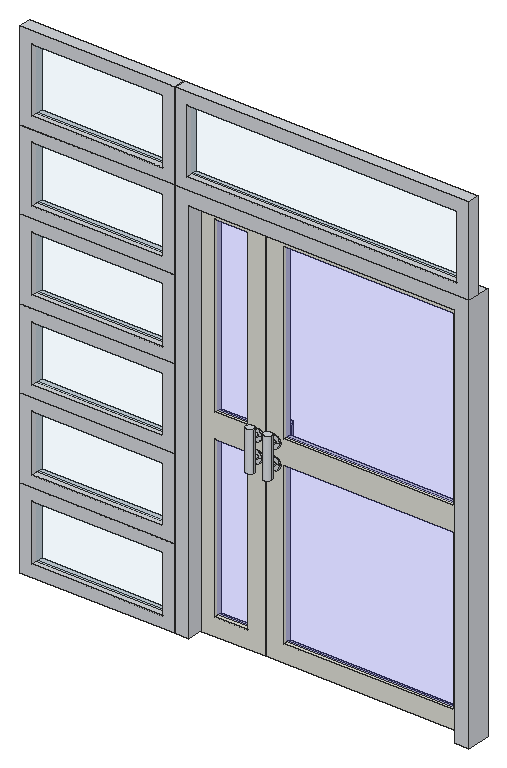
Revit family "D4_不鏽鋼門(甲種防火門)", category 門, Revit 2014
Parameters (values of type "(150+79) x 250 cm")
  熱阻 (R) = 0.270117 (m²·K)/W
  Visual Light Transmittance = 0
  Solar Heat Gain Coefficient = 0
  營造類型 Id = "MDOOR"
  關鍵註記 = "雙開子母門-矩形"
  傳熱係數 (U) = 3.7021 W/(m²·K)
  功能 = 室內
  門扇_材料 = none
  門扇_寬度(小) = (Width - 2 * 開門側框_寬度) / 4  # 350 mm
  門扇_寬度(大) = 3 * (Width - 2 * 開門側框_寬度) / 4  # 1050 mm
  門扇_厚度 = 40 mm
  Rough Height = Height  # 2050 mm
  Rough Width = Width  # 1500 mm
  框_深度 = 120 mm
  框_檔版_寬度 [instance] = 門扇_厚度 / 2  # 20 mm
  框_總寬度 [instance] = 開門側框_寬度 + 框_檔版_寬度  # 70 mm
  Height = 2050 mm
  牆封閉 = 依主體
  框_材料 = none
  開門側框_寬度 = 50 mm
  握把五金 = none
  Width = 1500 mm
  操作 = "DoubleDoorSingleSwing"
  解析營造 = "金屬"
Reference planes
  plane 1: y = 0
  plane 2 "中心 (左/右)": x = 0
  plane 3 "左": x = -750
  plane 4 "右": x = 750
  plane 5: z = 2050
  plane 6 "外部": y = 75
  plane 7 "內部": y = -75
  plane 8: z = 1025
  plane 9: x = -350
  plane 10: x = 700
  plane 11: x = -395
  plane 12: x = -305
  plane 13: z = 0
Forms (mm)
  Sweep 1, solid, material <- "框_材料"
    path origin (-5000, 0, 0) x (-1, 0, 0) y (0, 0, 1)
      loop
        line (-5750, 0) -> (-5750, 2050) -> (-4250, 2050) -> (-4250, 0)
    profile origin (750, 0, 1025) x (1, 0, 0) y (0, 1, 0)
      loop
        line (0, 60) -> (-50, 60) -> (-50, 20) -> (-70, 20) -> (-70, -60) -> (0, -60) -> (0, 60)
  Extrusion 2, solid, material "鋼、油漆塗層、象牙白色、霧面"
    sketch origin (-5000, 0, 0) x (1, 0, 0) y (0, 0, 1)
      loop
        line (4650, 2000) -> (4650, 0) -> (5700, 0) -> (5700, 2000) -> (4650, 2000)
      loop
        line (5610, 1025) -> (5610, 1910) -> (4740, 1910) -> (4740, 1025) -> (5610, 1025)
      loop
        line (5610, 905) -> (4740, 905) -> (4740, 90) -> (5610, 90) -> (5610, 905)
    from -60 to -20
  Extrusion 3, solid, material "鋼、油漆塗層、象牙白色、霧面"
    sketch origin (-5000, 0, 0) x (1, 0, 0) y (0, 0, 1)
      loop
        line (4650, 2000) -> (4300, 2000) -> (4300, 0) -> (4650, 0) -> (4650, 2000)
      loop
        line (4560, 1910) -> (4390, 1910) -> (4390, 1025) -> (4560, 1025) -> (4560, 1910)
      loop
        line (4560, 905) -> (4390, 905) -> (4390, 90) -> (4560, 90) -> (4560, 905)
    from -60 to -20
  Extrusion 4, solid, material "玻璃網格"
    sketch origin (-5000, 0, 0) x (1, 0, 0) y (0, 0, 1)
      loop
        line (5610, 1910) -> (4740, 1910) -> (4740, 1025) -> (5610, 1025) -> (5610, 1910)
      loop
        line (4740, 905) -> (4740, 90) -> (5610, 90) -> (5610, 905) -> (4740, 905)
      loop
        line (4560, 90) -> (4560, 905) -> (4390, 905) -> (4390, 90) -> (4560, 90)
      loop
        line (4390, 1025) -> (4560, 1025) -> (4560, 1910) -> (4390, 1910) -> (4390, 1025)
    from -45 to -35
Lines and regions (mm)
  Opening 1
    outline origin (-3050, -75, 0) x (1, 0, 0) y (0, 0, 1)
      loop
        line (2300, 0) -> (3800, 0) -> (3800, 2050) -> (2300, 2050) -> (2300, 0)
  symbolic lines, style "Doors"
    curve 1: line (-700, 60, 0) -> (-660, 60, 0)
    curve 2: line (-700, 410, 0) -> (-700, 60, 0)
    curve 3: line (-660, 410, 0) -> (-700, 410, 0)
    curve 4: line (-660, 60, 0) -> (-660, 410, 0)
    curve 13: line (700, 60, 0) -> (660, 60, 0)
    curve 14: line (700, 1110, 0) -> (700, 60, 0)
    curve 15: line (660, 1110, 0) -> (700, 1110, 0)
    curve 16: line (660, 60, 0) -> (660, 1110, 0)
    curve 23: line (-700, -60, 0) -> (-660, -60, 0)
    curve 24: line (-700, -410, 0) -> (-700, -60, 0)
    curve 25: line (-660, -410, 0) -> (-700, -410, 0)
    curve 26: line (-660, -60, 0) -> (-660, -410, 0)
    curve 27: line (700, -60, 0) -> (660, -60, 0)
    curve 28: line (700, -1110, 0) -> (700, -60, 0)
    curve 29: line (660, -1110, 0) -> (700, -1110, 0)
    curve 30: line (660, -60, 0) -> (660, -1110, 0)
  symbolic lines, style "DoorsFrameMullionProjection"
    curve 5: line (-700, 60, 0) -> (-750, 60, 0)
    curve 6: line (-700, -60, 0) -> (-700, 60, 0)
    curve 7: line (-750, -60, 0) -> (-700, -60, 0)
    curve 8: line (-750, 60, 0) -> (-750, -60, 0)
    curve 9: line (700, 60, 0) -> (750, 60, 0)
    curve 10: line (700, -60, 0) -> (700, 60, 0)
    curve 11: line (750, -60, 0) -> (700, -60, 0)
    curve 12: line (750, 60, 0) -> (750, -60, 0)
  symbolic lines, style "平面圖打開方向"
    curve 17: arc (-700, 410, 1000) -> (-452.513, 307.487, 1000) -> (-350, 60, 1000) r 350
    curve 18: arc (-350, 60, 1000) -> (-42.462, 802.462, 1000) -> (700, 1110, 1000) r 1050
    curve 31: arc (-700, -410, 1000) -> (-452.513, -307.487, 1000) -> (-350, -60, 1000) r 350
    curve 32: arc (-350, -60, 1000) -> (-42.462, -802.462, 1000) -> (700, -1110, 1000) r 1050
  symbolic lines, style "立面圖打開方向"
    curve 19: line (-350, -75, 2000) -> (700, -75, 1020)
    curve 20: line (700, -75, 1020) -> (-350, -75, 0)
    curve 21: line (-350, -75, 0) -> (-700, -75, 1020)
    curve 22: line (-700, -75, 1020) -> (-350, -75, 2000)
Text (mm)
  text "外部" at (-2295.016, 1099.543, 0), in view "參考樓層"
  text "外部" at (0, 1615.38, 3698.081), in view "左"
  text "外部" at (0, 1036.032, 3874.932), in view "右"
Dimensions and locks
  equal spacing: plane 3 "左", plane 2 "中心 (左/右)", plane 4 "右"
  "Width": plane 3 "左" to plane 4 "右"
  "Height": plane 5 to host wall
  host wall to plane 5 = 2050 mm  (x2)
  locked: plane 6 "外部" to host wall at 0
  locked: plane 7 "內部" to host wall
  equal spacing: Sweep 1 sketch curve, host wall, Sweep 1 sketch curve
  "框_深度": Sweep 1 sketch curve to Sweep 1 sketch curve
  "門扇_厚度": Sweep 1 sketch curve to Sweep 1 sketch curve
  "框_檔版_寬度": Sweep 1 sketch curve to Sweep 1 sketch curve
  "Width": Sweep 1 sketch curve to Sweep 1 sketch curve
  "門扇_厚度": curve 2 to curve 4
  "門扇_寬度(小)": curve 3 to curve 1
  "開門側框_寬度": curve 10 to Sweep 1
  "開門側框_寬度": curve 8 to curve 6
  equal spacing: Sweep 1, host wall, Sweep 1  (x2)
  "框_深度": Sweep 1 to Sweep 1  (x2)
  equal spacing: curve 5, plane 1, curve 7
  "框_深度": curve 5 to curve 7
  equal spacing: curve 11, plane 1, curve 9
  "框_深度": curve 11 to curve 9
  "門扇_厚度": curve 14 to curve 16
  "門扇_寬度(大)": curve 15 to curve 13
  equal spacing: plane 5, plane 8, level
  "開門側框_寬度": plane 10 to plane 4 "右"
  "門扇_寬度(大)": plane 9 to plane 10
  plane 11 to plane 9 = 45 mm
  plane 9 to plane 12 = 45 mm
  "Height": plane 13 to plane 5
  "門扇_厚度": curve 24 to curve 26
  "門扇_寬度(小)": curve 25 to curve 23
  "門扇_厚度": curve 28 to curve 30
  "門扇_寬度(大)": curve 29 to curve 27
  aligned and locked: plane 3 "左" to Opening 1 sketch curve
  aligned and locked: plane 5 to Opening 1 sketch curve  (x2)
  aligned and locked: Opening 1 sketch curve to plane 4 "右"
  aligned and locked: Opening 1 sketch curve to level
  aligned and locked: plane 1 to host wall
  aligned and locked: curve 17 to curve 2
  aligned and locked: curve 14 to curve 18
  aligned and locked: Sweep 1 sketch curve to plane 10
  aligned and locked: Sweep 1 sketch curve to profile plane
  aligned and locked: plane 5 to Sweep 1 sketch curve
  aligned and locked: plane 4 "右" to Sweep 1 sketch curve
  aligned and locked: Extrusion 2 sketch curve to Extrusion 2 sketch curve  (x2)
  aligned and locked: nested 3 to plane 12
  aligned and locked: nested 4 to plane 11
  aligned and locked: plane 11 to nested 5
  aligned and locked: plane 12 to nested 6
  aligned and locked: nested 7 to Sweep 1
  aligned and locked: plane 3 "左" to nested 7
  aligned and locked: plane 3 "左" to nested 8
  aligned and locked: plane 3 "左" to nested 9
  aligned and locked: plane 3 "左" to nested 10
  aligned and locked: plane 3 "左" to nested 11
  aligned and locked: plane 3 "左" to nested 12
  aligned and locked: plane 3 "左" to nested 13
  aligned and locked: plane 4 "右" to nested 13
  aligned and locked: curve 31 to curve 24
  aligned and locked: curve 28 to curve 32
Automatic sketch dimensions
  Sweep 1 sketch curve to level = 0 mm  (x2)
  curve 8 to plane 3 "左" = 0 mm
  curve 12 to plane 4 "右" = 0 mm
  curve 32 to plane 9 = 0 mm
  curve 31 to plane 9 = 0 mm
  curve 17 to plane 9 = 0 mm
  curve 18 to plane 9 = 0 mm
  host wall to curve 32 = 1035 mm
  host wall to curve 31 = 335 mm
  curve 18 to host wall = 15 mm
  curve 20 to level = 0 mm
  curve 20 to plane 9 = 0 mm
  curve 22 to plane 9 = 0 mm
  curve 20 to plane 10 = 0 mm
  curve 20 to plane 8 = 5 mm
  curve 21 to plane 8 = 5 mm
  curve 21 to plane 3 "左" = 50 mm
  plane 5 to curve 22 = 50 mm
  Extrusion 2 sketch curve to level = 0 mm
  Extrusion 2 sketch curve to plane 9 = 0 mm
  Extrusion 2 sketch curve to plane 8 = 0 mm
  Extrusion 2 sketch curve to plane 10 = 0 mm
  level to Extrusion 2 sketch curve = 90 mm
  plane 12 to Extrusion 2 sketch curve = 45 mm
  Extrusion 2 sketch curve to plane 10 = 90 mm
  Extrusion 2 sketch curve to plane 8 = 120 mm
  plane 5 to Extrusion 2 sketch curve = 140 mm
  plane 5 to Extrusion 2 sketch curve = 50 mm
  Extrusion 3 sketch curve to level = 0 mm
  Extrusion 3 sketch curve to plane 8 = 0 mm
  Extrusion 3 sketch curve to plane 9 = 0 mm
  level to Extrusion 3 sketch curve = 90 mm
  Extrusion 3 sketch curve to plane 11 = 45 mm  (x2)
  Extrusion 3 sketch curve to plane 3 "左" = 140 mm  (x2)
  Extrusion 3 sketch curve to plane 3 "左" = 50 mm
  Extrusion 3 sketch curve to plane 8 = 120 mm
  plane 5 to Extrusion 3 sketch curve = 140 mm
  plane 5 to Extrusion 3 sketch curve = 50 mm
  Extrusion 4 sketch curve to plane 8 = 0 mm  (x2)
  Extrusion 4 sketch curve to plane 3 "左" = 140 mm
  level to Extrusion 4 sketch curve = 90 mm  (x2)
  Extrusion 4 sketch curve to Extrusion 4 sketch curve = 0 mm
  Extrusion 4 sketch curve to plane 11 = 45 mm  (x2)
  plane 12 to Extrusion 4 sketch curve = 45 mm  (x2)
  Extrusion 4 sketch curve to plane 10 = 90 mm  (x2)
  Extrusion 4 sketch curve to plane 8 = 120 mm  (x2)
  plane 5 to Extrusion 4 sketch curve = 140 mm  (x2)
Nested families
  nested 1: "喇叭鎖" at (-225, 60, 1000), type "喇叭鎖", not visible
  nested 2: "喇叭鎖" at (-225, 20, 1000), type "喇叭鎖", not visible
  nested 3: "垂直門把" at (-380, 60, 0), type "垂直門把"
  nested 4: "垂直門把" at (-470, 60, 0), type "垂直門把"
  nested 5: "垂直門把" at (-470, 20, 0), type "垂直門把"
  nested 6: "垂直門把" at (-380, 20, 0), type "垂直門把"
  nested 7: "固定窗-矩形- (1)" at (-1145, 0, -900), type "79 x 41 cm"
    with Height 410 mm, Rough Height 410 mm, Rough Width 790 mm, Width 790 mm
  nested 8: "固定窗-矩形- (1)" at (-1145, 0, -490), type "79 x 41 cm"
    with Height 410 mm, Rough Height 410 mm, Rough Width 790 mm, Width 790 mm
  nested 9: "固定窗-矩形- (1)" at (-1145, 0, -80), type "79 x 41 cm"
    with Height 410 mm, Rough Height 410 mm, Rough Width 790 mm, Width 790 mm
  nested 10: "固定窗-矩形- (1)" at (-1145, 0, 330), type "79 x 41 cm"
    with Height 410 mm, Rough Height 410 mm, Rough Width 790 mm, Width 790 mm
  nested 11: "固定窗-矩形- (1)" at (-1145, 0, 740), type "79 x 41 cm"
    with Height 410 mm, Rough Height 410 mm, Rough Width 790 mm, Width 790 mm
  nested 12: "固定窗-矩形- (1)" at (-1145, 0, 1150), type "79 x 45 cm"
    with Height 450 mm, Rough Height 450 mm, Rough Width 790 mm, Width 790 mm
  nested 13: "固定窗-矩形- (1)" at (0, 0, 1150), type "150 x 45 cm"
    with Height 450 mm, Rough Height 450 mm, Rough Width 1500 mm, Width 1500 mm
Definition of nested family "喇叭鎖"
  Parameters (values of type "喇叭鎖")
    Assembly Code = ""
    握把高度 = 1000 mm
    握把與版面側邊距離 = 75 mm
    握把五金 = none
  Reference planes
    plane 1 "中心 (前/後)": y = 0
    plane 2: z = 0
    plane 3 "中心 (左/右)": x = 0
    plane 4: x = 75
  Forms (mm)
    Revolve 1, solid, material <- "握把五金"
      sketch origin (511.236, -60, 1000) x (1, 0, 0) y (0, 1, 0)
        loop
          line (-436.236, 60) -> (-406.236, 60) -> (-406.236, 66) -> (-426.236, 66) -> (-426.236, 85) -> (-417.636, 85) -> (-411.236, 109.7) -> (-411.236, 113.2) -> (-415.736, 115) -> (-436.236, 115) -> (-436.236, 60)
        axis (-436.236, 60) -> (-436.236, 115)
      angle from 0 to 360
  Dimensions and locks
    "握把與版面側邊距離": plane 3 "中心 (左/右)" to plane 4
    "握把高度": Revolve 1 to level
  Automatic sketch dimensions
    plane 3 "中心 (左/右)" to Revolve 1 sketch curve = 75 mm  (x2)
    Revolve 1 sketch curve to plane 1 "中心 (前/後)" = 0 mm
    plane 3 "中心 (左/右)" to Revolve 1 sketch curve = 85 mm
    Revolve 1 sketch curve to Revolve 1 sketch curve = 8.6 mm
    plane 3 "中心 (左/右)" to Revolve 1 sketch curve = 95.5 mm
    Revolve 1 sketch curve to Revolve 1 sketch curve = 4.5 mm
    Revolve 1 sketch curve to Revolve 1 sketch curve = 20 mm
    plane 1 "中心 (前/後)" to Revolve 1 sketch curve = 60 mm
    Revolve 1 sketch curve to Revolve 1 sketch curve = 6 mm
    Revolve 1 sketch curve to Revolve 1 sketch curve = 19 mm
    Revolve 1 sketch curve to Revolve 1 sketch curve = 24.7 mm
    Revolve 1 sketch curve to Revolve 1 sketch curve = 3.5 mm
    Revolve 1 sketch curve to Revolve 1 sketch curve = 1.8 mm
    Revolve 1 sketch curve to Revolve 1 sketch curve = 200 mm
Definition of nested family "垂直門把"
  Parameters (values of type "垂直門把")
    Analytic Construction = "<無>"
    Assembly Code = ""
    握把高度 = 1000 mm
    握把與版面側邊距離 = 75 mm
    握把五金 = none
  Reference planes
    plane 1 "中心 (前/後)": y = 0
    plane 2: z = 0
    plane 3 "中心 (左/右)": x = 0
    plane 4: x = 75
  Forms (mm)
    Revolve 1, solid, material <- "握把五金"
      sketch origin (511.236, -60, 1000) x (1, 0, 0) y (0, 1, 0)
        loop
          line (-436.236, 60) -> (-406.236, 60) -> (-406.236, 66) -> (-426.236, 66) -> (-426.236, 87.765) -> (-436.236, 87.765) -> (-436.236, 60)
        axis (-436.236, 60) -> (-436.236, 87.765)
      angle from 0 to 360
    Revolve 2, solid, material <- "握把五金"
      sketch origin (511.236, -60, 900) x (1, 0, 0) y (0, 1, 0)
        loop
          line (-436.236, 60) -> (-406.236, 60) -> (-406.236, 66) -> (-426.236, 66) -> (-426.236, 87.765) -> (-436.236, 87.765) -> (-436.236, 60)
        axis (-436.236, 60) -> (-436.236, 87.765)
      angle from 0 to 360
    Extrusion 3, solid, material <- "握把五金"
      sketch origin (0, 0, 0) x (1, 0, 0) y (0, 1, 0)
        loop
          circle (75, 45) r 20
      from 850 to 1050
  Dimensions and locks
    "握把與版面側邊距離": plane 3 "中心 (左/右)" to plane 4
    "握把高度": Revolve 1 to level
    aligned and locked: Revolve 2 to Revolve 1
  Automatic sketch dimensions
    Revolve 1 sketch curve to plane 4 = 0 mm  (x2)
    plane 1 "中心 (前/後)" to Revolve 1 sketch curve = 0 mm
    Revolve 1 sketch curve to plane 1 "中心 (前/後)" = 6 mm
    Revolve 1 sketch curve to Revolve 1 sketch curve = 10 mm
    Revolve 1 sketch curve to Revolve 1 sketch curve = 20 mm
    Revolve 1 sketch curve to Revolve 1 sketch curve = 21.765 mm
    Revolve 1 sketch curve to Revolve 1 sketch curve = 60 mm
    Revolve 1 sketch curve to Revolve 1 sketch curve = 227.235 mm
    Revolve 2 sketch curve to plane 4 = 0 mm  (x2)
    plane 1 "中心 (前/後)" to Revolve 2 sketch curve = 0 mm
    Revolve 2 sketch curve to plane 1 "中心 (前/後)" = 6 mm
    Revolve 2 sketch curve to Revolve 2 sketch curve = 10 mm
    Revolve 2 sketch curve to Revolve 2 sketch curve = 20 mm
    Revolve 2 sketch curve to Revolve 2 sketch curve = 21.765 mm
    Revolve 2 sketch curve to Revolve 2 sketch curve = 60 mm
    Revolve 2 sketch curve to Revolve 2 sketch curve = 227.43 mm
    plane 4 to Extrusion 3 sketch curve = 0 mm
    Extrusion 3 sketch curve to plane 1 "中心 (前/後)" = 45 mm
    radius of Extrusion 3 sketch curve = 20 mm
Definition of nested family "固定窗-矩形- (1)"
  Parameters (values of type "100 x 150 cm")
    Visual Light Transmittance = 0.9
    Solar Heat Gain Coefficient = 0.78
    Construction Type Id = ""
    Height = 1500 mm
    Heat Transfer Coefficient (U) = 3.6886 W/(m²·K)
    預設窗台高度 = 900 mm
    Keynote = "固定窗-矩形"
    Rough Height = Height  # 1500 mm
    Rough Width = Width  # 1000 mm
    玻璃材質 = none
    Wall Closure = (empty or 0)
    Width = 1000 mm
    裝飾外框材料 = none
    裝飾外框寬度 = 60 mm
    裝飾外框厚度 = 60 mm
    Analytic Construction = (empty or 0)
  Reference planes
    plane 1: y = 0
    plane 2 "中心 (左/右)": x = 0
    plane 3 "左": x = -500
    plane 4 "右": x = 500
    plane 5 "窗台": z = 900
    plane 6 "標頭": z = 2400
    plane 7 "外部": y = 75
    plane 8 "內部": y = -75
  Lines and regions (mm)
    Opening 1
      outline origin (3500, -75, 0) x (1, 0, 0) y (0, 0, 1)
        loop
          line (-3000, 900) -> (-3000, 2400) -> (-4000, 2400) -> (-4000, 900) -> (-3000, 900)
  Text (mm)
    text "外部" at (-1963.203, 1332.353, 0), in view "參考樓層"
    text "內部" at (-1981.466, -818.386, 0), in view "參考樓層"
    text "外部" at (0, 923.751, 2943.296), in view "右"
    text "外部" at (0, 1040.484, 2685.409), in view "左"
  Dimensions and locks
    equal spacing: plane 3 "左", plane 2 "中心 (左/右)", plane 4 "右"
    "Width": plane 3 "左" to plane 4 "右"
    "Height": plane 5 "窗台" to plane 6 "標頭"
    "預設窗台高度": plane 5 "窗台" to level
    locked: plane 7 "外部" to host wall at 0
    locked: plane 8 "內部" to host wall
    aligned and locked: plane 1 to nested 1
    aligned and locked: nested 1 to plane 3 "左"
    aligned and locked: nested 1 to plane 4 "右"
    aligned and locked: nested 1 to plane 6 "標頭"
    aligned and locked: nested 1 to plane 5 "窗台"
  Automatic sketch dimensions
    Opening 1 sketch curve to plane 3 "左" = 0 mm
    Opening 1 sketch curve to plane 4 "右" = 0 mm
    Opening 1 sketch curve to plane 5 "窗台" = 0 mm
    Opening 1 sketch curve to plane 6 "標頭" = 0 mm
  Nested families
    nested 1: "窗框" at (-267.428, 919.367, -100), type "窗框"
      with Height 1500 mm, Width 1000 mm
  Definition of nested family "窗框"
    Parameters (values of type "窗框")
      Height [instance] = 500 mm
      護桿寬度 = 20 mm
      護桿厚度 = 10 mm
      Rough Height = 500 mm
      Rough Width = 600 mm
      Width [instance] = 600 mm
      裝飾外框材料 = none
      玻璃材質 = none
      玻璃厚度 = 10 mm
      裝飾外框寬度 = 60 mm
      裝飾外框厚度 = 60 mm
      Assembly Code = ""
    Reference planes
      plane 1 "中心 (前/後)": y = -919.367
      plane 2: z = 0
      plane 3 "中心 (左/右)": x = 267.428
      plane 4 "玻璃-上": y = -944.367
      plane 5 "玻璃-下": y = -954.367
      plane 6: y = -979.367
      plane 7: x = -32.572
      plane 8: x = 567.428
      plane 9: x = 27.428
      plane 10: x = 507.428
      plane 11: z = 1440
      plane 12: z = 1500
      plane 13: z = 1060
      plane 14: z = 1000
      plane 15: y = -949.367
    Forms (mm)
      Extrusion 1, solid, material <- "玻璃材質"
        sketch origin (-1499.274, -949.367, 1200) x (-1, 0, 0) y (0, 0, 1)
          loop
            line (-1526.702, 240) -> (-2006.702, 240) -> (-2006.702, -140) -> (-1526.702, -140) -> (-1526.702, 240)
        from -5 to 5
      Extrusion 2, solid, material <- "裝飾外框材料"
        sketch origin (-1499.274, -949.367, 1200) x (-1, 0, 0) y (0, 0, 1)
          loop
            line (-1466.702, 300) -> (-2066.702, 300) -> (-2066.702, -200) -> (-1466.702, -200) -> (-1466.702, 300)
          loop
            line (-1526.702, 240) -> (-2006.702, 240) -> (-2006.702, -140) -> (-1526.702, -140) -> (-1526.702, 240)
        from -30 to 30
    Dimensions and locks
      equal spacing: plane 10, plane 3 "中心 (左/右)", plane 9
      "裝飾外框寬度": plane 8 to plane 10
      "裝飾外框寬度": plane 9 to plane 7
      "裝飾外框寬度": plane 12 to plane 11
      "Width": plane 8 to plane 7
      "裝飾外框寬度": plane 13 to plane 14
      "Height": plane 12 to plane 14
      plane 14 to level = 1000 mm
      equal spacing: plane 4 "玻璃-上", plane 15, plane 5 "玻璃-下"
      "玻璃厚度": plane 4 "玻璃-上" to plane 5 "玻璃-下"
      equal spacing: plane 6, plane 15, plane 1 "中心 (前/後)"
      "裝飾外框厚度": plane 6 to plane 1 "中心 (前/後)"
      aligned and locked: Extrusion 1 sketch curve to plane 11
      aligned and locked: plane 9 to Extrusion 1 sketch curve
      aligned and locked: Extrusion 1 sketch curve to plane 10
      aligned and locked: plane 13 to Extrusion 1 sketch curve
      aligned and locked: plane 7 to Extrusion 2 sketch curve
      aligned and locked: Extrusion 2 sketch curve to plane 12
      aligned and locked: Extrusion 2 sketch curve to plane 8
      aligned and locked: plane 9 to Extrusion 2 sketch curve
      aligned and locked: plane 13 to Extrusion 2 sketch curve
      aligned and locked: Extrusion 2 sketch curve to plane 10
      aligned and locked: Extrusion 2 sketch curve to plane 11
      aligned and locked: Extrusion 2 sketch curve to plane 14
      aligned and locked: plane 2 to level
      aligned and locked: plane 6 to Extrusion 2
      aligned and locked: plane 1 "中心 (前/後)" to Extrusion 2
      aligned and locked: plane 5 "玻璃-下" to Extrusion 1
      aligned and locked: plane 4 "玻璃-上" to Extrusion 1
